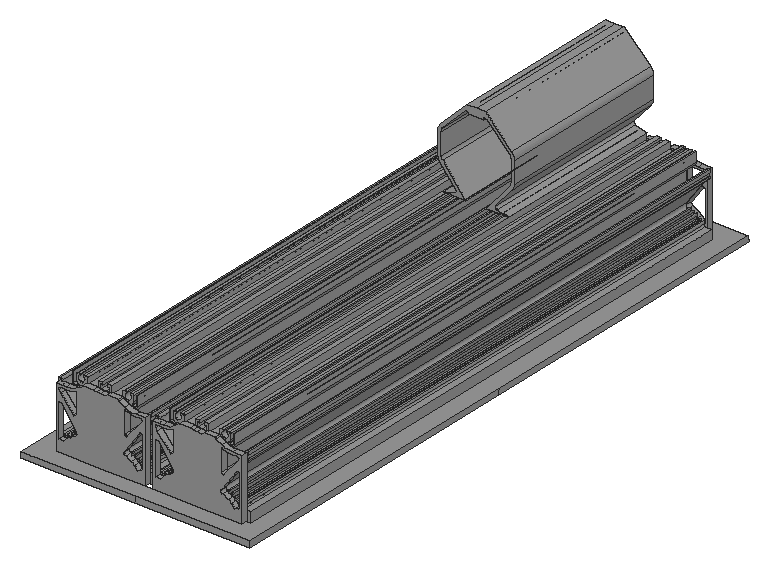
Revit family "L-street 48 Standart", category Осветительные приборы, Revit 2017 (continued)
Types (5, lengths in mm): name | built-in parameter 1150134 | Файл фотометрической сетки | built-in parameter 1150105 | Lumens | built-in parameter 1150106 | built-in parameter 1150142 | Wattage | built-in parameter 1150107 | Артикул
    4 64.5 58.7 52.6 47.6 44.1 42 40.5 39.4 38.3 37.2 35.9 34.6 33.2 31.7 30.3 28.8 27.5 26.4 25.5 24.9 24.6 24.5 24.4 24.3 24.2 23.9 23.2 22.2 20.9 19.6 18.3 17.1 15.9 14.7 13.7 12.8 11.8 10.8 9.9 8.8 7.8 6.7 5.7 4.6 3.5 2.8 2.5 2.2 2.1 1.9 1.9\r\n328.9 328.8 328 326.8 325.6 323.9 321.9 319.6 317 314.2 311.4 308.7 305.8 302.6 299 294.5 289.6 284.3 279.2 274.1 269.9 266.3 263.1 259.5 255.2 249.8 244 237.6 230.5 222.2 213.2 202.5 190.1 174.5 155.5 132.5 109.6 90.7 78 69.1 62.8 57 50.9 46.2 43.3 41.5 40.3 39.3 38.3 37.1 36 34.8 33.6 31.9 30.3 28.9 27.7 26.6 25.9 25.5 25.4 25.6 25.5 25.2 24.9 24.4 23.8 22.8 21.6 20.2 18.7 17.4 16.1 15 14.1 13.3 12.3 11.2 10.2 9 8 6.9 6 5.1 3.8 3 2.5 2.2 2.1 1.9 1.9\r\n328.9 328.9 328.2 327.1 325.7 324 322.1 319.8 317.3 314.4 311.6 308.9 305.9 302.7 299 294.5 289.5 284.1 278.8 273.5 269 265.2 261.9 258.1 253.6 248.1 242.1 235.5 228.2 219.8 210.5 199.7 186.9 170.9 151.6 128.7 106.5 88.7 77 68.5 62.4 56.6 50.7 46.1 43.2 41.6 40.4 39.5 38.4 37.3 36.1 35 33.7 32 30.4 29 27.9 27 26.4 26.2 26.3 26.2 25.7 25.3 24.9 24.5 23.9 23 21.7 20.3 18.8 17.4 16.1 15.1 14.2 13.3 12.2 11.2 10.1 8.9 7.8 6.6 5.5 4.6 3.7 3 2.6 2.2 2.1 1.9 1.9\r\n328.9 328.9 328.4 327.3 325.8 324.1 322.3 320 317.5 314.7 311.9 309.1 306.1 302.8 299 294.4 289.4 283.8 278.3 272.9 268.2 264.1 260.6 256.7 252 246.4 240.3 233.4 226 217.4 207.9 196.8 183.7 167.4 147.8 124.9 103.3 86.7 75.9 67.9 62 56.3 50.4 46 43.1 41.6 40.5 39.7 38.5 37.5 36.3 35.3 33.8 32.1 30.5 29.2 28.1 27.3 26.9 27 27.1 26.8 26 25.4 25 24.6 24 23.1 21.9 20.4 18.9 17.3 16.1 15.2 14.2 13.2 12.2 11.1 9.9 8.8 7.7 6.3 5 4.1 3.5 3 2.6 2.3 2.1 1.9 1.9\r\n328.9 328.8 328 326.9 325.4 323.7 321.8 319.4 316.9 314 311.2 308.4 305.4 302 298.2 293.5 288.4 282.7 277.2 271.7 267 263.1 259.6 255.6 250.7 244.9 238.7 231.9 224.4 215.9 206.4 195.2 181.8 165.1 144.9 121.7 100.3 84.5 74.4 66.8 61 55.1 49.4 45.3 42.7 41.4 40.3 39.4 38.3 37.2 36.1 35 33.4 31.6 30.1 28.9 27.8 27.2 27 27.1 27.1 26.6 25.8 25.2 24.9 24.6 23.9 23 21.8 20.3 18.7 17.2 15.9 14.9 14 13.1 12 11 9.7 8.5 7.3 6.1 4.7 4 3.4 2.9 2.5 2.2 2.1 2 1.9\r\n328.9 328.5 327.5 326.2 324.6 322.9 320.9 318.6 316 313 310.4 307.9 305.3 302.1 298.2 293.2 287.9 282 276.4 270.7 265.6 261.1 257.3 253.3 249.2 244.1 238.7 232.6 225.9 218.2 209.8 200.4 190.6 178.9 165.2 148.6 130 110.3 93 79.2 69.6 62.4 56.1 49.4 44.1 41.6 40.4 39.7 39 38.2 37.2 36.2 35.2 33.6 31.9 30.4 29.1 28.1 27.3 27 26.9 26.7 26.1 25.2 24.6 24.3 24 23.3 22.2 20.7 19.3 17.8 16.4 15 13.8 13 12.1 11.1 10.2 9.1 8 6.9 5.8 4.8 4.2 3.6 3.2 3 2.7 2.6 2.5\r\n328.9 328.4 327.3 326 324.3 322.5 320.5 318.1 315.4 312.5 309.9 307.4 304.6 301.3 297.2 292.3 287 281.2 275.6 270.1 265.1 260.7 256.8 252.8 248.4 243.2 237.7 231.4 224.4 216.4 207.8 198.1 187.8 175.4 161 143.6 124.8 105.8 89.4 76.7 67.7 60.5 54.2 47.9 43.5 41.4 40.3 39.7 39 38.1 37.2 36.1 35 33.4 31.7 30.3 29.1 28.1 27.4 27.1 27 26.7 26.1 25.3 24.8 24.4 23.9 23.2 22 20.5 19.1 17.7 16.3 14.9 13.9 13 12.1 11.1 10.1 9.1 8 6.9 5.8 4.9 4.3 3.7 3.3 3 2.8 2.6 2.5\r\n328.9 328.2 327.1 325.7 324 322.1 320 317.5 314.8 311.9 309.4 306.9 304 300.5 296.3 291.4 286.2 280.3 274.8 269.4 264.6 260.3 256.3 252.3 247.6 242.3 236.6 230.1 222.9 214.6 205.8 195.8 185 171.9 156.7 138.7 119.7 101.2 85.8 74.2 65.7 58.6 52.2 46.5 43 41.2 40.3 39.7 38.9 38 37.1 36 34.8 33.2 31.5 30.3 29.1 28.2 27.5 27.2 27 26.8 26.1 25.4 24.9 24.5 23.9 23 21.8 20.3 18.9 17.5 16.2 14.9 14 13 12.1 11.1 10.1 9.1 8.1 7 5.8 4.9 4.3 3.7 3.3 3 2.8 2.7 2.5\r\n328.9 328.3 327.3 325.8 324.2 322.3 320.3 317.9 315.2 312.4 309.7 307.2 304.5 301.2 297.2 292.4 287.2 281.6 276.1 270.8 266 261.5 257.7 253.7 249.3 244.2 238.6 232.2 225.2 217.1 208.5 199 188.7 176.4 162.1 145.1 126.5 107.5 90.8 77.6 68.4 61 54.5 48.3 44.1 41.7 40.5 39.7 39 38.2 37.2 36.1 35 33.6 32 30.6 29.3 28.3 27.4 26.9 26.7 26.4 26 25.4 24.9 24.6 24 23.3 22.1 20.7 19.2 17.7 16.4 15 14 13.1 12.2 11.2 10.2 9.2 8.2 7.2 6.2 5.3 4.7 3.9 3.3 2.9 2.7 2.5 2.4\r\n328.9 328.4 327.4 326 324.3 322.5 320.5 318.3 315.6 312.8 310 307.5 304.9 301.9 298 293.4 288.2 282.8 277.4 272.1 267.3 262.8 259.1 255.2 251.1 246.1 240.6 234.4 227.5 219.7 211.3 202.1 192.3 180.9 167.5 151.5 133.3 113.8 95.7 81 71.2 63.5 56.7 50.1 45.2 42.2 40.7 39.8 39.1 38.3 37.2 36.3 35.2 34 32.4 30.9 29.6 28.5 27.4 26.6 26.3 26.1 25.9 25.5 25 24.7 24.2 23.5 22.4 21 19.5 17.9 16.6 15.2 14.1 13.2 12.3 11.3 10.3 9.3 8.4 7.5 6.5 5.8 5 4.1 3.4 2.9 2.6 2.4 2.4\r\n328.9 328.5 327.5 326 324.4 322.6 320.7 318.6 316 313.3 310.5 308 305.6 302.7 299.2 294.9 290.1 285 279.8 274.6 269.8 265.3 261.5 257.8 253.8 249 243.7 237.7 231.2 223.7 215.6 206.5 196.9 185.9 173.2 157.7 140 120.3 101.3 85.2 74 65.7 58.7 51.9 46.6 43.1 41.1 39.9 39.1 38.3 37.2 36.2 35.1 33.9 32.4 31 29.5 28.3 27.2 26.3 25.7 25.4 25.1 24.8 24.6 24.4 24 23.2 22.1 20.8 19.3 17.9 16.5 15.2 13.9 12.9 11.9 11 10.1 9.3 8.6 7.8 6.7 5.8 5 4.1 3.3 2.9 2.6 2.5 2.4\r\n328.9 328.5 327.5 326.1 324.4 322.8 320.9 318.8 316.4 313.8 311 308.5 306.2 303.6 300.5 296.5 292.1 287.1 282.2 277.1 272.3 267.8 264 260.3 256.5 251.9 246.8 241.1 234.9 227.7 219.8 210.9 201.5 191 178.9 164 146.7 126.9 106.9 89.3 76.8 67.9 60.6 53.7 48 43.9 41.5 40 39.1 38.3 37.3 36.1 34.9 33.8 32.4 31.1 29.5 28.1 26.9 26 25 24.6 24.4 24.2 24.2 24.1 23.8 22.9 21.8 20.5 19.2 17.9 16.5 15.3 13.7 12.6 11.5 10.6 9.8 9.3 8.9 8.1 6.8 5.9 4.9 4.1 3.3 2.9 2.7 2.5 2.5\r\n328.9 328.4 327.3 326 324.3 322.6 320.8 318.7 316.4 313.8 311.2 308.8 306.7 304.2 301.3 297.6 293.4 288.7 283.9 279 274.4 270.1 266.3 262.8 259.2 254.8 249.9 244.4 238.4 231.5 223.8 215.2 206.2 196 184.4 170.1 153.6 134.3 114.3 95.5 81.4 71.2 63.5 56.4 50.4 45.7 42.6 40.7 39.6 38.6 37.6 36.3 35.1 33.8 32.4 31.1 29.6 28.3 27.1 26 25 24.3 23.8 23.4 23.2 22.9 22.6 22 21.2 20 18.8 17.4 16.1 15.1 14 13.1 12.3 11.5 10.5 9.7 8.9 8.1 6.9 5.8 4.6 3.9 3.2 2.9 2.8 2.6 2.5\r\n328.9 328.3 327.1 325.8 324.1 322.5 320.7 318.6 316.4 313.8 311.4 309.2 307.1 304.9 302.1 298.7 294.7 290.2 285.7 281 276.6 272.4 268.7 265.3 261.9 257.7 253.1 247.7 242 235.3 227.9 219.6 210.8 201 189.9 176.3 160.5 141.7 121.6 101.8 85.9 74.6 66.3 59.1 52.7 47.5 43.8 41.4 40 38.9 37.9 36.5 35.2 33.8 32.4 31 29.7 28.6 27.2 26.1 24.9 24 23.3 22.6 22.1 21.8 21.4 21.2 20.5 19.5 18.3 16.9 15.7 14.9 14.2 13.6 13.1 12.3 11.2 10 8.9 8.1 7 5.7 4.3 3.7 3.2 3 2.9 2.6 2.6\r\n328.9 328.3 327.2 325.9 324.3 322.7 320.9 319 316.9 314.4 312.1 310 308.1 306.1 303.7 300.8 297.1 292.9 288.6 284.1 279.9 275.8 272.2 268.8 265.6 261.8 257.7 252.8 247.5 241.3 234.6 226.9 218.6 209.2 199 186.4 171.7 154 134.3 113.6 95.5 81.3 71.5 63.4 56.6 50.7 46.2 43.1 41.1 39.6 38.4 36.9 35.4 33.9 32.5 31.1 29.7 28.5 27.4 26.2 25.1 24 23.2 22.3 21.7 21.2 20.8 20.3 19.7 18.9 17.9 16.7 15.8 15.2 14.7 14.4 13.9 13.3 12.3 11.3 10.2 8.7 6.7 5.4 4.3 3.7 3.2 3 2.9 2.7 2.7\r\n328.9 328.4 327.3 326 324.4 322.9 321.1 319.4 317.4 315 312.8 310.8 309.1 307.4 305.4 302.8 299.5 295.5 291.5 287.2 283.3 279.3 275.7 272.3 269.3 266 262.3 257.9 253 247.4 241.2 234.1 226.3 217.5 208 196.5 182.9 166.3 147.1 125.4 105 88.1 76.6 67.8 60.4 53.9 48.7 44.8 42.1 40.3 38.9 37.2 35.6 34.1 32.7 31.2 29.7 28.5 27.5 26.4 25.3 24.1 23.1 22 21.2 20.6 20.1 19.5 18.9 18.2 17.4 16.6 15.9 15.5 15.3 15.1 14.8 14.2 13.5 12.6 11.4 9.4 6.5 5.1 4.3 3.7 3.2 3.1 3 2.8 2.8\r\n328.9 328.3 327.3 326.1 324.5 323.1 321.5 319.9 318 315.9 313.8 311.8 310.2 308.7 307.1 304.9 302 298.5 294.9 291.1 287.4 283.8 280.3 277.1 274.1 271 267.8 263.9 259.6 254.7 249.2 243.1 236.3 228.6 220.2 209.9 197.9 183.1 166 145.9 125.1 104.9 88.8 76.6 67.5 59.9 53.7 48.7 45.1 42.3 40.2 38.2 36.2 34.5 33 31.5 30.1 28.7 27.5 26.3 25.2 24.1 23 21.9 21.1 20.5 20 19.5 18.9 18.2 17.3 16.6 16 15.7 15.4 15.1 14.9 14.4 13.5 12.1 10 8 6.1 4.8 4.1 3.6 3.2 3.1 2.9 2.8 2.7\r\n328.9 328.2 327.4 326.1 324.6 323.3 321.8 320.3 318.6 316.8 314.8 312.8 311.3 310.1 308.8 306.9 304.5 301.5 298.2 294.9 291.5 288.2 285 281.8 278.9 276.1 273.3 270 266.3 261.9 257.2 252 246.3 239.7 232.4 223.4 212.9 199.9 184.8 166.5 145.2 121.8 101 85.3 74.6 66 58.7 52.7 48 44.3 41.6 39.1 36.8 34.9 33.4 31.8 30.4 28.9 27.5 26.3 25.1 24.1 22.8 21.8 20.9 20.4 19.9 19.4 18.9 18.1 17.3 16.7 16.2 15.8 15.4 15.2 15 14.6 13.6 11.7 8.6 6.6 5.6 4.6 3.8 3.4 3.2 3 2.9 2.7 2.6\r\n328.9 328.3 327.4 326.2 324.8 323.4 322 320.6 319 317.4 315.6 313.9 312.5 311.5 310.4 308.9 306.9 304.4 301.6 298.6 295.6 292.6 289.8 286.9 284.2 281.5 279 276.2 273.3 269.9 266.1 262 257.3 251.7 245.1 237 227.8 216.7 204.1 188.6 170.2 148.3 126.2 105.7 89.6 77.4 68.1 60.4 54.4 49.5 45.8 42.4 39.3 36.7 34.7 32.8 31.2 29.8 28.4 27 25.7 24.5 23.2 22.1 21.1 20.5 19.9 19.4 18.9 18.2 17.5 16.7 16 15.5 15 14.6 14.2 13.4 11.8 9.7 7.6 6.3 5.3 4.5 3.8 3.6 3.4 3.2 3 3 2.8\r\n328.9 328.3 327.4 326.2 324.9 323.6 322.2 320.9 319.5 318 316.4 315 313.8 312.9 312.1 310.8 309.3 307.3 304.9 302.3 299.6 297 294.5 292 289.5 287 284.7 282.4 280.3 277.8 275.1 271.9 268.3 263.8 257.9 250.7 242.6 233.5 223.3 210.6 195.1 174.9 151.4 126.1 104.5 88.7 77.6 68.2 60.9 54.7 49.9 45.6 41.7 38.6 36 33.8 32 30.6 29.3 27.7 26.2 24.8 23.6 22.4 21.3 20.5 19.8 19.4 18.9 18.4 17.7 16.7 15.8 15.2 14.6 14 13.3 12.2 9.9 7.6 6.6 5.9 5 4.3 3.8 3.7 3.5 3.3 3.2 3.2 3\r\n328.9 328.3 327.4 326.3 325 323.7 322.5 321.2 320 318.6 317.3 316.1 315 314.2 313.4 312.5 311.4 309.9 307.9 305.7 303.4 301 298.8 296.6 294.4 292.1 289.9 288.1 286.4 284.6 282.4 279.7 276.6 272.6 267.4 261 253.8 245.6 236.3 224.9 211.2 193.4 172.2 147.7 123.9 103.1 87.6 76 67.4 60.2 54.5 49.3 44.7 41 37.8 35.2 33 31.4 30 28.5 27.2 25.8 24.4 23.1 21.8 20.9 20.1 19.4 18.7 18.1 17.5 16.5 15.5 14.7 13.9 13.1 11.9 10.4 8.7 7.1 6.1 5.4 4.6 4.1 3.7 3.6 3.4 3.2 3.2 3.1 3\r\n328.9 328.3 327.3 326.3 325 323.9 322.8 321.6 320.6 319.3 318.3 317.2 316.3 315.4 314.8 314.2 313.5 312.4 310.9 309.1 307.1 305 303.1 301.2 299.3 297.1 295.2 293.7 292.5 291.3 289.7 287.5 284.9 281.3 276.8 271.4 265 257.6 249.3 239.1 227.3 211.9 193 169.4 143.3 117.6 97.7 83.8 73.9 65.8 59 53 47.7 43.4 39.6 36.7 34.1 32.2 30.6 29.4 28.2 26.8 25.2 23.7 22.3 21.3 20.3 19.4 18.5 17.8 17.3 16.4 15.2 14.2 13.3 12.2 10.5 8.6 7.4 6.5 5.7 4.9 4.2 3.8 3.5 3.4 3.3 3.1 3.1 3 2.9\r\n328.9 328.3 327.4 326.4 325.2 324.1 323.1 322.1 321.2 320.1 319.3 318.4 317.7 317 316.6 316.2 315.9 315.2 314.4 313 311.5 309.9 308.3 306.8 305.2 303.5 302.1 300.8 299.7 298.6 297.2 295.3 292.9 289.7 285.7 281.1 276 270 263.3 255 245.6 233.5 218.8 200 177.9 153.4 130.2 109.4 92.8 80.1 70.9 63 56.2 50.5 45.6 41.7 38.3 35.6 33.4 31.6 29.9 28.4 26.9 25.3 23.8 22.3 21 19.8 18.6 17.6 16.7 15.6 14.5 13.5 12.3 10.9 9.4 8.1 7 6.3 5.4 4.7 4.1 3.8 3.5 3.4 3.3 3.2 3.1 3 2.8\r\n328.9 328.3 327.4 326.4 325.4 324.3 323.4 322.5 321.8 320.9 320.3 319.7 319.1 318.5 318.3 318.2 318.2 318.1 317.8 317 315.9 314.8 313.6 312.3 311.2 309.9 308.9 307.9 306.9 305.9 304.7 303.1 301 298.1 294.6 290.8 286.9 282.5 277.3 270.8 263.9 255.2 244.7 230.6 212.5 189.1 162.7 134.9 111.7 94.5 82.7 73 64.7 57.6 51.6 46.8 42.5 39.1 36.2 33.7 31.7 30.1 28.6 26.9 25.2 23.3 21.7 20.2 18.8 17.3 16.1 14.8 13.8 12.7 11.4 9.7 8.2 7.5 6.7 6 5.1 4.5 4 3.7 3.5 3.4 3.3 3.2 3 2.9 2.7\r\n328.9 328.3 327.5 326.5 325.6 324.6 323.8 323 322.4 321.8 321.3 320.8 320.5 320.2 320.1 320.1 320.3 320.4 320.5 320.3 319.8 319.2 318.4 317.6 316.8 316 315.3 314.6 313.6 312.5 311.3 309.7 308.1 306.1 303.8 301.2 298.2 294.8 290.9 286.1 280.7 273.9 265.8 255.1 241.4 223 201.1 175.6 150.5 127.1 107.9 92.1 79.9 70.7 62.9 56.5 51 46.3 42.3 38.9 35.9 33.5 31.4 29.3 27.4 25.4 23.4 21.5 19.6 17.9 16.4 14.9 13.5 12.2 10.7 9.2 8 7.3 6.5 5.8 5 4.4 4 3.7 3.5 3.4 3.2 3.1 3.1 2.9 2.7\r\n328.9 328.3 327.5 326.5 325.7 324.8 324.2 323.4 323 322.6 322.2 322 322 321.8 321.8 322 322.3 322.8 323.3 323.7 323.7 323.6 323.3 322.8 322.4 322 321.7 321.3 320.4 319.2 317.8 316.4 315.1 314.1 313 311.5 309.4 307.1 304.5 301.5 297.5 292.5 286.9 279.6 270.3 256.9 239.5 216.4 189.4 159.8 133 111.1 95.1 83.7 74.1 66.2 59.4 53.5 48.3 44 40.1 36.9 34.1 31.7 29.6 27.5 25.2 22.8 20.5 18.5 16.7 15 13.2 11.6 10 8.6 7.8 7.1 6.3 5.6 4.9 4.3 4 3.7 3.5 3.4 3.2 3.1 3.1 2.9 2.8\r\n328.9 328.3 327.5 326.7 325.9 325.2 324.5 323.9 323.6 323.4 323.2 323.2 323.3 323.4 323.6 323.9 324.4 325 325.8 326.6 327.2 327.7 328.1 328.2 328.3 328.2 328.2 328 327.5 326.6 325.7 324.7 323.8 322.9 322.2 321.6 320.8 319.8 318.3 316.3 313.8 310.2 306.1 300.8 294 284.6 272.4 256 236.1 212.2 187.5 162.7 139.2 118.7 101.4 88.7 78.9 70.9 63.7 57.4 51.7 46.9 42.7 39.2 36.1 33.2 30.4 27.8 25.1 22.3 19.4 16.8 14.5 12.4 10.5 8.9 7.9 7.1 6.3 5.6 4.9 4.5 4.1 3.9 3.6 3.5 3.3 3.1 3.1 3 2.8\r\n328.9 328.3 327.6 326.8 326.1 325.5 324.8 324.4 324.2 324.1 324.1 324.3 324.6 325 325.3 325.8 326.4 327.3 328.4 329.6 330.7 331.8 332.9 333.7 334.2 334.4 334.6 334.6 334.5 334.1 333.6 333 332.4 331.8 331.3 331.6 332.2 332.4 332.1 331.2 330 327.9 325.3 322 317.7 312.2 305.2 295.6 282.7 264.7 242.1 214.3 183.2 153.7 128.6 111.1 98.4 88.2 79 70.7 63.4 57 51.4 46.8 42.7 38.9 35.6 32.7 29.8 26.2 22.1 18.6 15.7 13.2 11.1 9.2 7.9 7.2 6.3 5.5 5 4.6 4.2 4 3.8 3.6 3.4 3.2 3.1 3 2.8\r\n328.9 328.3 327.6 326.9 326.3 325.7 325.2 324.9 324.8 324.9 325 325.4 326 326.6 327.2 327.9 328.7 329.8 331 332.6 334.1 335.5 337 338.3 339.4 340.2 341 341.5 341.9 341.9 341.8 341.8 341.8 341.7 341.7 342.2 343 343.7 344.4 345.1 345.4 345 343.8 342.1 339.5 336.2 332 326 317.8 306.3 291.8 272.9 250.1 225.3 199.7 176 153.2 132.7 115.4 102.1 91 81.4 73 66.1 60 54.7 49.9 45.4 40.9 37.4 33.4 27.5 20.8 15.8 12.1 9.5 8.1 7.3 6.3 5.6 5.1 4.7 4.4 4.1 3.9 3.7 3.5 3.3 3.1 3 2.7\r\n328.9 328.2 327.6 327 326.5 326 325.6 325.4 325.5 325.6 325.9 326.5 327.4 328.1 329.1 330 331 332.3 333.7 335.5 337.4 339.2 341.1 342.9 344.6 346.1 347.5 348.4 349.2 349.6 349.9 350.6 351.2 351.6 352.1 352.8 353.7 354.9 356.8 359 360.9 362.1 362.4 362.1 361.3 360.3 358.8 356.4 352.9 348 341.5 331.6 316.9 296.9 270.9 241 207.9 177.1 151.8 133.4 118.6 105.9 94.6 85.5 77.4 70.4 64.2 58.1 52 48.5 44.8 36.4 26 18.3 13.2 9.7 8.3 7.3 6.4 5.7 5.3 4.9 4.6 4.3 4.1 3.8 3.5 3.3 3.2 3 2.7\r\n328.9 328.3 327.7 327.2 326.8 326.4 326.2 326.3 326.5 326.9 327.5 328.4 329.4 330.3 331.5 332.7 334.1 335.7 337.3 339.3 341.4 343.4 345.5 347.5 349.5 351.4 353.2 354.6 355.8 356.9 357.9 359.1 360.2 361.2 362.3 363.5 364.9 366.5 368.5 370.5 372.5 374.4 376.3 378.1 379.5 380.6 381.1 380.8 379.8 377.7 374.3 368.4 359.1 345.9 327.7 304.5 276.1 244.7 213.5 184.8 160.1 139.8 123.9 110.7 99.4 89.4 80.7 71.9 63.8 57.1 47.7 34.1 23.6 16.2 11.8 9.4 8.2 7.2 6.4 5.9 5.4 5.1 4.8 4.4 4.1 3.9 3.6 3.4 3.3 2.9 2.6\r\n328.9 328.4 327.8 327.4 327 326.9 326.9 327.2 327.6 328.2 329.1 330.2 331.3 332.5 334 335.4 337.2 339 341 343.1 345.3 347.6 349.9 352 354.4 356.8 359 360.8 362.5 364.2 365.9 367.5 369.2 370.8 372.5 374.2 376.1 378 380.1 382 384 386.7 390.2 394.1 397.7 400.9 403.4 405.2 406.6 407.4 407 405.2 401.4 394.8 384.5 368.1 344.3 312.2 275.1 236.1 201.6 173.7 153.2 135.9 121.4 108.5 97.3 85.7 75.7 65.8 50.7 31.8 21.2 14.2 10.5 9.1 8.1 7.1 6.5 6 5.6 5.2 4.9 4.5 4.2 4 3.7 3.5 3.3 2.8 2.6\r\n328.9 328.4 328 327.6 327.4 327.3 327.5 327.8 328.4 329.1 330.1 331.2 332.5 333.9 335.4 337.2 339.2 341.2 343.4 345.6 347.9 350.2 352.5 354.9 357.5 360.1 362.7 365 367.3 369.6 372.1 374.5 376.9 379.4 381.9 384.5 387.2 389.9 392.3 394.5 396.5 399.1 402.4 406.4 411 415.7 420.8 426.1 431.7 436.7 440.9 444 445.9 446.2 443.7 437 425.2 407 383.2 354.1 322 286.4 250 212.6 180.4 154.2 132.7 112.6 94.8 76.3 53.5 33.6 22.7 15 11.3 9.9 8.7 7.7 7.1 6.6 6.1 5.7 5.4 4.9 4.6 4.3 4.1 3.9 3.6 3 2.6\r\n328.9 328.5 328.1 327.8 327.8 327.7 328 328.4 329.1 330 331.1 332.3 333.7 335.2 336.9 338.9 341.2 343.5 345.8 348.1 350.4 352.8 355.2 357.7 360.5 363.5 366.3 369.1 372 375.1 378.2 381.4 384.6 387.9 391.4 394.8 398.4 401.7 404.6 406.9 409 411.5 414.6 418.7 424.3 430.5 438.2 447.1 456.7 466 474.8 482.9 490.5 497.5 502.8 506 506 501.8 491.4 472.1 442.3 399.1 346.7 289.2 239.4 199.9 168.1 139.5 114 86.9 56.3 35.4 24.2 15.9 12.1 10.6 9.4 8.3 7.7 7.1 6.6 6.2 5.8 5.3 4.9 4.6 4.4 4.2 3.8 3.1 2.7\r\n328.9 328.5 328.2 328 328 328.1 328.4 329 329.8 330.8 331.9 333.2 334.6 336.2 338.1 340.3 342.7 345.1 347.5 349.9 352.3 354.8 357.2 359.8 362.8 365.8 368.8 371.8 375.1 378.5 382.1 386 390 394.1 398.6 403.2 408.1 412.7 416.
